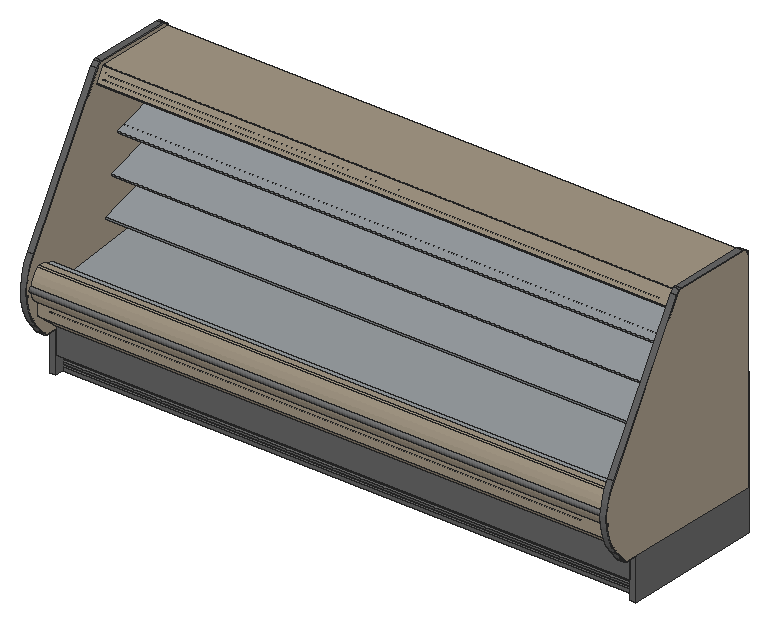
Revit family "O3.75UM_NRG", category Mechanical Equipment, Revit 2019
Family settings
  Round Connector Dimension = Use Radius
  Part Type = Normal
  OmniClass Number = 23.40.40.11.17
  OmniClass Title = Refrigerated Cases
  Work Plane-Based = Yes
  Always vertical = Yes
  Cut with Voids When Loaded = No
  Shared = No
  Room Calculation Point = No
Parameters (values of type "12'")
  Width = 43 1/4"  # constant formula
  URL = "http://www.hillphoenix.com/?s=o3.75um"
  TOP REFRIGERATION PIPING = yes
  TOP ELECTRICAL = yes
  TOEKICK [instance] = BLACK PAINTED METAL
  Standard Power Watts = 35.7 W
  Standard Power Amps = 0.3 A
  Shelf distance = 48"
  STAINLESS STEEL = GALVANIZED STEEL
  Refgn = 28 5/8"
  RT STD END = yes
  REFRIGERATION PIPING = COPPER PIPE
  RUBBER BUMPER [instance] = BLACK
  REAR REFRIGERATION PIPING = yes
  PAINTED METAL UPPER SHELF = PAINTED SHELVES
  PAINTED METAL INTERIOR [instance] = GALVANIZED STEEL
  PAINTED METAL EXTERIOR [instance] = CHARCOAL BROWN
  Number of Shelf = 3
  Model = "O3.75UM-NRG"  # constant formula
  Manufacturer = "HILL PHOENIX"  # constant formula
  Lights Per Row = 3
  Light Length = "48\""
  Length = 144"
  Legend Number = Model  # "O3.75UM-NRG"
  LF STD END = yes
  Keynote = ""  # constant formula
  Item Description = Description  # "Multi-Deck Merchandiser with Synerg-E™"
  Island Timed-Off Termination Temp (°F) = 42 °F  # constant formula
  Island Timed-Off Fail-Safe (Min) = "30 (Min)"  # constant formula
  Island Superheat @ Bulb Set Point (°F) = "6-8 °F"  # constant formula
  Island High Efficiency Fans Watts = 42 W
  Island High Efficiency Fans Amps = 0.6 A
  Island Front Sill Height = "All"
  Island Fans Per Case = 3
  Island Evaporator (°F) = 28 °F
  Island Discharge Air(°F) = 31 °F
  Island Discharge Air Velocity (FPM) = 180 FPM  # constant formula
  Island BTUH Parallel = 930
  Island BTUH Conventional = 1063
  Island Application = "Dairy / Deli / Produce"
  Island  Case Length = 144"
  How Many Defrosts Per Day = 6  # constant formula
  High Power (Cornice) Watts = 64.5 W
  High Power (Cornice) Amps = 0.54 A
  Height = 57 1/2"  # constant formula
  GLASS = Glass
  EQUIPMENT MARK = Legend Number  # "O3.75UM-NRG"
  EQUIPMENT DESCRIPTION = Item Description  # "Multi-Deck Merchandiser with Synerg-E™"
  Description = "Multi-Deck Merchandiser with Synerg-E™"  # constant formula
  Default Elevation = 48"
  DRAIN PIPING = yes
  DESIGNERS NAME = "SHIDDRAMESH"  # constant formula
  DATE = "03/31/2016"  # constant formula
  Certifications = "NSF 7, UL471, CSA"  # constant formula
  DRAIN LINE = 72"
  BOTTOM REFRIGERATION PIPING = yes
  BOTTOM ELECTRICAL = yes
  BASE [instance] = BLACK PAINTED METAL
  Assembly Code = ""
  16" Shelf = yes
  14" Shelf = yes
  12" Shelf = yes
Types (12): name | Standard Power Watts | Standard Power Amps | Shelf distance | Refgn | Lights Per Row | Light Length | Length | Island High Efficiency Fans Watts | Island High Efficiency Fans Amps | Island Front Sill Height | Island Fans Per Case | Island Evaporator (°F) | Island Discharge Air(°F) | Island BTUH Parallel | Island BTUH Conventional | Island Application | Island  Case Length | High Power (Cornice) Watts | High Power (Cornice) Amps | DRAIN LINE
  04' | 11.9 W | 0.1 A | 36" | 22 3/4" | 1 | "48\"" | 48" | 14 W | 0.2 A | "All" | 1 | 28 °F | 31 °F | 930 | 1063 | "Dairy / Deli / Produce" | 48" | 21.5 W | 0.18 A | 36"
  06' | 16.6 W | 0.14 A | 36" | 28 5/8" | 2 | "36\"" | 72" | 28 W | 0.4 A | "All" | 2 | 28 °F | 31 °F | 930 | 1063 | "Dairy / Deli / Produce" | 72" | 29.8 W | 0.25 A | 36"
  08' | 23.8 W | 0.2 A | 48" | 28 5/8" | 2 | "48\"" | 96" | 28 W | 0.4 A | "All" | 2 | 28 °F | 31 °F | 930 | 1063 | "Dairy / Deli / Produce" | 96" | 43 W | 0.36 A | 48"
  12' | 35.7 W | 0.3 A | 48" | 28 5/8" | 3 | "48\"" | 144" | 42 W | 0.6 A | "All" | 3 | 28 °F | 31 °F | 930 | 1063 | "Dairy / Deli / Produce" | 144" | 64.5 W | 0.54 A | 72"
  04' Deli | 11.9 W | 0.1 A | 36" | 12 3/8" | 1 | "48\"" | 48" | 14 W | 0.2 A | "All" | 1 | 28 °F | 31 °F | 930 | 1063 | "Dairy / Deli / Produce" | 48" | 21.5 W | 0.18 A | 36"
  04' Meat | 11.9 W | 0.1 A | 36" | 22 3/4" | 1 | "48\"" | 48" | 14 W | 0.2 A | "Extended" | 1 | 26 °F | 30 °F | 920 | 1051 | "Meat" | 48" | 21.5 W | 0.18 A | 36"
  06' Deli | 16.6 W | 0.14 A | 36" | 12 3/8" | 2 | "36\"" | 72" | 28 W | 0.4 A | "All" | 2 | 28 °F | 31 °F | 930 | 1063 | "Dairy / Deli / Produce" | 72" | 29.8 W | 0.25 A | 36"
  06' Meat | 16.6 W | 0.14 A | 36" | 28 5/8" | 2 | "36\"" | 72" | 28 W | 0.4 A | "Extended" | 2 | 26 °F | 30 °F | 920 | 1051 | "Meat" | 72" | 29.8 W | 0.25 A | 36"
  08' Deli | 23.8 W | 0.2 A | 48" | 12 3/8" | 2 | "48\"" | 96" | 28 W | 0.4 A | "All" | 2 | 28 °F | 31 °F | 930 | 1063 | "Dairy / Deli / Produce" | 96" | 43 W | 0.36 A | 48"
  08' Meat | 23.8 W | 0.2 A | 48" | 28 5/8" | 2 | "48\"" | 96" | 28 W | 0.4 A | "Extended" | 2 | 26 °F | 30 °F | 920 | 1051 | "Meat" | 96" | 43 W | 0.36 A | 48"
  12' Deli | 35.7 W | 0.3 A | 48" | 12 3/8" | 3 | "48\"" | 144" | 42 W | 0.6 A | "All" | 3 | 28 °F | 31 °F | 930 | 1063 | "Dairy / Deli / Produce" | 144" | 64.5 W | 0.54 A | 72"
  12' Meat | 35.7 W | 0.3 A | 48" | 28 5/8" | 3 | "48\"" | 144" | 42 W | 0.6 A | "Extended" | 3 | 26 °F | 30 °F | 920 | 1051 | "Meat" | 144" | 64.5 W | 0.54 A | 72"
Reference planes (in)
  plane 1: z = 0.01963
  plane 2 "LEFT": x = 0
  plane 3 "CASE RIGHT": x = 144
  plane 4: z = 0
  plane 5: y = -15.80744
  plane 6: z = 57.5
  plane 7: x = 145.5
  plane 8: x = 72
  plane 9: y = -59.05744
  plane 10: z = 22.875
Forms (in)
  Extrusion 1, solid, material "BLACK PAINTED METAL" <- "BASE"
    sketch origin (0, 0, 0) x (0, 1, 0) y (0, 0, 1)
      loop
        line (-15.80744, 0) -> (-15.80744, 11) -> (-47.55744, 11) -> (-47.55744, 0) -> (-45.69085, 0) -> (-45.69085, 2.94807) -> (-17.58744, 2.94807) -> (-17.58744, 0) -> (-15.80744, 0)
    from 0 to 144
  Extrusion 2, solid, material "CHARCOAL BROWN" <- "PAINTED METAL EXTERIOR"
    sketch origin (0, 0, 5.875) x (0, 1, 0) y (0, 0, 1)
      loop
        line (-17.80744, 54.20522) -> (-17.80744, 13.8096)
        arc (-17.80744, 13.8096) -> (-19.66972, 9.97927) -> (-23.598, 8.33364) r 6.03269
        line (-23.598, 8.33364) -> (-41.10205, 7.70434) -> (-43.19307, 6.18536) -> (-45.82363, 6.18536) -> (-48.10885, 7.45214)
        arc (-48.10885, 7.45214) -> (-52.38279, 9.03493) -> (-54.31151, 13.16433) r 6
        line (-54.31151, 13.16433) -> (-54.31151, 15.37312) -> (-56.31972, 15.37312) -> (-56.31972, 10.07189) -> (-50.42424, 5.125) -> (-15.80744, 5.125) -> (-15.80744, 54.20522) -> (-17.80744, 54.20522)
    from 0 to 144
  Extrusion 3, solid, material "PAINTED SHELVES" <- "PAINTED METAL UPPER SHELF"
    sketch origin (0, 0, 5.875) x (0, 1, 0) y (0, 0, 1)
      loop
        arc (-19.82193, 18.53519) -> (-19.97069, 18.17606) -> (-20.32982, 18.0273) r 0.50789
        line (-20.32982, 18.0273) -> (-23.58275, 17.79983) -> (-23.59709, 18.00487) -> (-50.89707, 14.73431) -> (-51.11131, 14.65787) -> (-52.07193, 14.65787) -> (-52.07193, 20.48987) -> (-54.31151, 20.48987) -> (-54.31151, 13.16433)
        arc (-54.31151, 13.16433) -> (-52.37575, 9.02845) -> (-48.08972, 7.45284) r 6
        line (-48.08972, 7.45284) -> (-45.80324, 6.18536) -> (-43.17269, 6.18536) -> (-41.08167, 7.70434) -> (-23.59774, 8.33365)
        arc (-23.59774, 8.33365) -> (-19.66963, 9.97936) -> (-17.80744, 13.8096) r 6.03269
        line (-17.80744, 13.8096) -> (-17.80744, 16.33022) -> (-19.82193, 16.33022) -> (-19.82193, 18.53519)
    from 0 to 144
  Extrusion 4, solid, material "GALVANIZED STEEL" <- "STAINLESS STEEL"
    sketch origin (0, 0, 6.98122) x (0, 1, 0) y (0, 0, 1)
      loop
        line (-17.80744, 53.099) -> (-19.82193, 53.099) -> (-19.82193, 15.224) -> (-17.80744, 15.224) -> (-17.80744, 53.099)
    from 0 to 144
  Extrusion 5, solid, material "CHARCOAL BROWN" <- "PAINTED METAL EXTERIOR", visible <- "TOP REFRIGERATION PIPING"
    sketch origin (0, 0, 5.875) x (1, 0, 0) y (0, 1, 0)
      loop
        line (141, -15.80744) -> (141, -12.80744) -> (129, -12.80744) -> (129, -15.80744) -> (129.125, -15.80744) -> (129.125, -12.93244) -> (140.875, -12.93244) -> (140.875, -15.80744) -> (141, -15.80744)
    from 20.05479 to 49.38425
  Extrusion 6, solid, material "BLACK PAINTED METAL" <- "BASE"
    sketch origin (0, -10.28164, -0.05412) x (0, 1, 0) y (0, 0, 1)
      loop
        line (-37.27579, 0.05412) -> (-37.27579, 11.05412) -> (-40.30382, 11.05412) -> (-40.30382, 4.63002) -> (-39.68701, 4.63002) -> (-37.68701, 4.63002)
        arc (-37.68701, 4.63002) -> (-37.8365, 4.53454) -> (-38.01177, 4.50725) r 0.43161
        line (-38.01177, 4.50725) -> (-38.01177, 4.00939) -> (-37.9323, 4.00939) -> (-37.51351, 4.08936) -> (-37.65088, 3.65476)
        arc (-37.65088, 3.65476) -> (-37.78692, 3.42905) -> (-38.0108, 3.29) r 0.56287
        line (-38.0108, 3.29) -> (-38.0108, 2.79) -> (-37.9323, 2.79) -> (-37.51351, 2.87496) -> (-37.65088, 2.43538)
        arc (-37.65088, 2.43538) -> (-37.78661, 2.20936) -> (-38.0108, 2.07063) r 0.55931
        line (-38.0108, 2.07063) -> (-38.0108, 1.57063) -> (-37.9323, 1.57063) -> (-37.51351, 1.65558) -> (-37.61149, 1.20803)
        arc (-37.61149, 1.20803) -> (-37.76845, 0.9729) -> (-38.02579, 0.85586) r 0.51565
        line (-38.02579, 0.85586) -> (-38.02579, 0.05412) -> (-37.27579, 0.05412)
    from 0 to 144
  Extrusion 7, solid, material "CHARCOAL BROWN" <- "PAINTED METAL EXTERIOR"
    sketch origin (0, -14.13723, 5.82088) x (0, 1, 0) y (0, 0, 1)
      loop
        line (-40.17428, 15.42724) -> (-40.17428, 20.54398) -> (-40.08842, 20.54398) -> (-40.08842, 21.30412) -> (-41.88342, 21.30412)
        arc (-41.88342, 21.30412) -> (-42.11934, 21.24969) -> (-42.32244, 21.1179) r 0.69761
        arc (-42.32244, 21.1179) -> (-43.67325, 19.42434) -> (-44.44614, 17.4006) r 7.05071
        arc (-44.44614, 17.4006) -> (-44.16727, 15.47655) -> (-43.17985, 13.80182) r 5.032
        line (-43.17985, 13.80182) -> (-42.18248, 13.80182) -> (-42.18248, 15.42724) -> (-40.17428, 15.42724)
    from 0 to 144
  Extrusion 8, solid, material "BLACK" <- "RUBBER BUMPER"
    sketch origin (0, -14.13723, 5.94625) x (0, 1, 0) y (0, 0, 1)
      loop
        arc (-44.36324, 17.61416) -> (-44.91973, 16.94743) -> (-44.39402, 16.25618) r 0.69673
        arc (-44.39402, 16.25618) -> (-44.45145, 16.69866) -> (-44.46921, 17.14449) r 5.00138
        arc (-44.46921, 17.14449) -> (-44.42027, 17.38024) -> (-44.36324, 17.61416) r 6.99819
    from 0 to 144
  Extrusion 9, solid, material "PAINTED SHELVES" <- "PAINTED METAL UPPER SHELF", visible <- "16" Shelf"
    sketch origin (0, 0, 21.36873) x (0, 1, 0) y (0, 0, 1)
      loop
        line (-19.82193, 12.03629) -> (-35.12281, 7.35834) -> (-34.95908, 6.82281) -> (-30.92951, 8.05478) -> (-30.83385, 7.94238) -> (-23.44344, 9.22627)
        arc (-23.44344, 9.22627) -> (-22.75154, 9.24918) -> (-22.07989, 9.08147) r 2.5
        line (-22.07989, 9.08147) -> (-21.24148, 8.7431)
        arc (-21.24148, 8.7431) -> (-20.90216, 8.67103) -> (-20.55864, 8.71922) r 1
        line (-20.55864, 8.71922) -> (-19.82193, 8.95823) -> (-19.82193, 12.03629)
    from 0 to 144
  Extrusion 10, solid, material "PAINTED SHELVES" <- "PAINTED METAL UPPER SHELF", visible <- "12" Shelf"
    sketch origin (0, 0, 1.39555) x (0, 1, 0) y (0, 0, 1)
      loop
        line (-19.82193, 45.52801) -> (-19.82193, 48.60705) -> (-31.29759, 45.09859) -> (-31.13386, 44.56306) -> (-28.91038, 45.24285) -> (-28.81473, 45.13045) -> (-23.39078, 45.81313)
        arc (-23.39078, 45.81313) -> (-22.69889, 45.83604) -> (-22.02724, 45.66833) r 2.5
        line (-22.02724, 45.66833) -> (-21.18883, 45.32996)
        arc (-21.18883, 45.32996) -> (-20.84951, 45.25789) -> (-20.50599, 45.30609) r 1
        line (-20.50599, 45.30609) -> (-19.82193, 45.52801)
    from 0 to 144
  Extrusion 11, solid, material "CHARCOAL BROWN" <- "PAINTED METAL EXTERIOR", visible <- "RT STD END"
    sketch origin (115, 0, 5.875) x (0, 1, 0) y (0, 0, 1)
      loop
        arc (-54.30554, 5.30373) -> (-53.53283, 4.71081) -> (-52.58194, 4.5) r 2.25
        line (-52.58194, 4.5) -> (-15.43244, 4.5) -> (-15.43244, 56.6826)
        arc (-15.43244, 56.6826) -> (-15.87178, 57.74326) -> (-16.93244, 58.1826) r 1.5
        line (-16.93244, 58.1826) -> (-35.92347, 58.1826)
        arc (-35.92347, 58.1826) -> (-36.1933, 58.15813) -> (-36.45432, 58.08553) r 1.5
        arc (-36.45432, 58.08553) -> (-36.99502, 57.80331) -> (-37.45369, 57.4013) r 2.56207
        line (-37.45369, 57.4013) -> (-57.05482, 24.16677)
        arc (-57.05482, 24.16677) -> (-59.49138, 15.83035) -> (-56.34554, 7.73491) r 13.5
        line (-56.34554, 7.73491) -> (-54.30554, 5.30373)
    from 30.5 to 29
  Extrusion 12, solid, material "BLACK PAINTED METAL" <- "BASE", visible <- "RT STD END"
    sketch origin (115, 0, 5.875) x (0, 1, 0) y (0, 0, 1)
      loop
        line (-54.30299, 5.305) -> (-56.34554, 7.73491)
        arc (-56.34554, 7.73491) -> (-59.49138, 15.83035) -> (-57.05482, 24.16677) r 13.5
        line (-57.05482, 24.16677) -> (-37.45369, 57.4013)
        arc (-37.45369, 57.4013) -> (-36.99502, 57.80331) -> (-36.45432, 58.08553) r 2.56207
        arc (-36.45432, 58.08553) -> (-36.1933, 58.15813) -> (-35.92347, 58.1826) r 1.5
        line (-35.92347, 58.1826) -> (-16.93244, 58.1826)
        arc (-16.93244, 58.1826) -> (-15.87178, 57.74326) -> (-15.43244, 56.6826) r 1.5
        line (-15.43244, 56.6826) -> (-15.43244, 4.5) -> (-15.18244, 4.5) -> (-15.18244, 56.6826)
        arc (-15.18244, 56.6826) -> (-15.695, 57.92004) -> (-16.93244, 58.4326) r 1.75
        line (-16.93244, 58.4326) -> (-35.92347, 58.4326)
        arc (-35.92347, 58.4326) -> (-36.23827, 58.40405) -> (-36.54279, 58.31935) r 1.75
        arc (-36.54279, 58.31935) -> (-37.17747, 57.98083) -> (-37.70551, 57.49238) r 2.81207
        line (-37.70551, 57.49238) -> (-57.25946, 24.31036)
        arc (-57.25946, 24.31036) -> (-59.74115, 15.81957) -> (-56.53705, 7.57421) r 13.75
        line (-56.53705, 7.57421) -> (-54.49075, 5.14503)
        arc (-54.49075, 5.14503) -> (-53.63084, 4.48415) -> (-52.57207, 4.24914) r 2.50251
        line (-52.57207, 4.24914) -> (-50.4287, 4.24914) -> (-50.4287, 4.50056) -> (-52.57859, 4.50056)
        arc (-52.57859, 4.50056) -> (-53.52999, 4.71157) -> (-54.30299, 5.305) r 2.25045
    from 30.5 to 29
  Extrusion 13, solid, material "BLACK PAINTED METAL" <- "BASE", visible <- "RT STD END"
    sketch origin (115, 0, 0) x (0, 1, 0) y (0, 0, 1)
      loop
        line (-50.58546, 10.375) -> (-50.58546, 0) -> (-15.18244, 0) -> (-15.18244, 10.375) -> (-50.58546, 10.375)
    from 30.5 to 29
  Extrusion 14, solid, material "PAINTED SHELVES" <- "PAINTED METAL UPPER SHELF", visible <- "14" Shelf"
    sketch origin (0, 0, -6.82083) x (0, 1, 0) y (0, 0, 1)
      loop
        line (-19.82193, 45.52801) -> (-19.82193, 48.60705) -> (-33.2102, 44.51385) -> (-33.04647, 43.97832) -> (-30.92951, 44.62554) -> (-30.83385, 44.51314) -> (-23.44344, 45.79703)
        arc (-23.44344, 45.79703) -> (-22.75154, 45.81995) -> (-22.07989, 45.65223) r 2.5
        line (-22.07989, 45.65223) -> (-21.24148, 45.31386)
        arc (-21.24148, 45.31386) -> (-20.90216, 45.2418) -> (-20.55864, 45.28999) r 1
        line (-20.55864, 45.28999) -> (-19.82193, 45.52801)
    from 0 to 144
  Extrusion 15, solid, material "CHARCOAL BROWN" <- "PAINTED METAL EXTERIOR", visible <- "LF STD END"
    sketch origin (-30.5, 0, 5.875) x (0, 1, 0) y (0, 0, 1)
      loop
        arc (-54.30554, 5.30373) -> (-53.53283, 4.71081) -> (-52.58194, 4.5) r 2.25
        line (-52.58194, 4.5) -> (-15.43244, 4.5) -> (-15.43244, 56.6826)
        arc (-15.43244, 56.6826) -> (-15.87178, 57.74326) -> (-16.93244, 58.1826) r 1.5
        line (-16.93244, 58.1826) -> (-35.92347, 58.1826)
        arc (-35.92347, 58.1826) -> (-36.1933, 58.15813) -> (-36.45432, 58.08553) r 1.5
        arc (-36.45432, 58.08553) -> (-36.99502, 57.80331) -> (-37.45369, 57.4013) r 2.56207
        line (-37.45369, 57.4013) -> (-57.05482, 24.16677)
        arc (-57.05482, 24.16677) -> (-59.49138, 15.83035) -> (-56.34554, 7.73491) r 13.5
        line (-56.34554, 7.73491) -> (-54.30554, 5.30373)
    from 30.5 to 29
  Extrusion 16, solid, material "BLACK PAINTED METAL" <- "BASE", visible <- "LF STD END"
    sketch origin (-30.5, 0, 5.875) x (0, 1, 0) y (0, 0, 1)
      loop
        line (-54.30554, 5.30373) -> (-56.34554, 7.73491)
        arc (-56.34554, 7.73491) -> (-59.49138, 15.83035) -> (-57.05482, 24.16677) r 13.5
        line (-57.05482, 24.16677) -> (-37.45369, 57.4013)
        arc (-37.45369, 57.4013) -> (-36.99502, 57.80331) -> (-36.45432, 58.08553) r 2.56207
        arc (-36.45432, 58.08553) -> (-36.1933, 58.15813) -> (-35.92347, 58.1826) r 1.5
        line (-35.92347, 58.1826) -> (-16.93244, 58.1826)
        arc (-16.93244, 58.1826) -> (-15.87178, 57.74326) -> (-15.43244, 56.6826) r 1.5
        line (-15.43244, 56.6826) -> (-15.43244, 4.5) -> (-15.18244, 4.5) -> (-15.18244, 56.6826)
        arc (-15.18244, 56.6826) -> (-15.695, 57.92004) -> (-16.93244, 58.4326) r 1.75
        line (-16.93244, 58.4326) -> (-35.92347, 58.4326)
        arc (-35.92347, 58.4326) -> (-36.23827, 58.40405) -> (-36.54279, 58.31935) r 1.75
        arc (-36.54279, 58.31935) -> (-37.19289, 57.96979) -> (-37.72964, 57.4631) r 2.81207
        line (-37.72964, 57.4631) -> (-57.25946, 24.31036)
        arc (-57.25946, 24.31036) -> (-59.74115, 15.81957) -> (-56.53705, 7.57421) r 13.75
        line (-56.53705, 7.57421) -> (-54.49705, 5.14303)
        arc (-54.49705, 5.14303) -> (-53.63848, 4.48423) -> (-52.58194, 4.25) r 2.5
        line (-52.58194, 4.25) -> (-50.42424, 4.25) -> (-50.42424, 4.5) -> (-52.58194, 4.5)
        arc (-52.58194, 4.5) -> (-53.53283, 4.71081) -> (-54.30554, 5.30373) r 2.25
    from 30.5 to 29
  Extrusion 17, solid, material "BLACK PAINTED METAL" <- "BASE", visible <- "LF STD END"
    sketch origin (-30.5, 0, 0) x (0, 1, 0) y (0, 0, 1)
      loop
        line (-50.58546, 10.375) -> (-50.58546, 0) -> (-15.18244, 0) -> (-15.18244, 10.375) -> (-50.58546, 10.375)
    from 30.5 to 29
  Extrusion 18, solid, material "GALVANIZED STEEL" <- "PAINTED METAL INTERIOR"
    sketch origin (0, -5.33302, 18.24204) x (0, 1, 0) y (0, 0, 1)
      loop
        line (-22.08707, 41.86462) -> (-25.7123, 43.55509) -> (-26.13492, 42.64878) -> (-22.50969, 40.95831) -> (-22.08707, 41.86462)
      loop
        line (-28.3289, 43.12072) -> (-28.36661, 43.11934) -> (-28.38679, 43.09613) -> (-28.31174, 43.01689) -> (-28.30573, 42.74967)
        arc (-28.30573, 42.74967) -> (-28.32302, 42.68031) -> (-28.37268, 42.62889) r 0.1381
        line (-28.37268, 42.62889) -> (-28.44988, 42.5825)
        arc (-28.44988, 42.5825) -> (-28.53866, 42.49056) -> (-28.56958, 42.36655) r 0.2469
        arc (-28.56958, 42.36655) -> (-28.56109, 41.9751) -> (-28.54926, 41.58374) r 46.05875
        arc (-28.54926, 41.58374) -> (-28.53904, 41.56898) -> (-28.52207, 41.56311) r 0.0289
        line (-28.52207, 41.56311) -> (-28.47578, 41.5623) -> (-28.43676, 41.57736) -> (-27.02174, 41.6013) -> (-26.99114, 41.58983) -> (-26.94151, 41.59069)
        arc (-26.94151, 41.59069) -> (-26.92186, 41.59887) -> (-26.91314, 41.61829) r 0.0289
        arc (-26.91314, 41.61829) -> (-26.91222, 41.64537) -> (-26.9119, 41.67247) r 1.21272
        arc (-26.9119, 41.67247) -> (-26.91472, 42.03392) -> (-26.92103, 42.39533) r 37.49487
        arc (-26.92103, 42.39533) -> (-26.96897, 42.53727) -> (-27.08758, 42.6288) r 0.25858
        arc (-27.08758, 42.6288) -> (-27.10638, 42.64133) -> (-27.12697, 42.65063) r 0.13806
        arc (-27.12697, 42.65063) -> (-27.18371, 42.69709) -> (-27.19809, 42.769) r 0.10882
        line (-27.19809, 42.769) -> (-27.2027, 43.03283) -> (-27.13047, 43.11463) -> (-27.15319, 43.13735) -> (-27.18572, 43.13973) -> (-27.20527, 43.16387) -> (-28.30813, 43.14461) -> (-28.3289, 43.12072)
      loop
        line (-30.17845, 43.08844) -> (-30.21617, 43.08705) -> (-30.23634, 43.06384) -> (-30.1613, 42.98461) -> (-30.15528, 42.71739)
        arc (-30.15528, 42.71739) -> (-30.17258, 42.64802) -> (-30.22223, 42.5966) r 0.1381
        line (-30.22223, 42.5966) -> (-30.29944, 42.55022)
        arc (-30.29944, 42.55022) -> (-30.38822, 42.45828) -> (-30.41914, 42.33427) r 0.2469
        arc (-30.41914, 42.33427) -> (-30.41064, 41.94282) -> (-30.39881, 41.55145) r 46.05875
        arc (-30.39881, 41.55145) -> (-30.38859, 41.5367) -> (-30.37162, 41.53082) r 0.0289
        line (-30.37162, 41.53082) -> (-30.32534, 41.53001) -> (-30.28631, 41.54508) -> (-28.87129, 41.56901) -> (-28.84069, 41.55754) -> (-28.79107, 41.55841)
        arc (-28.79107, 41.55841) -> (-28.77142, 41.56659) -> (-28.76269, 41.586) r 0.0289
        arc (-28.76269, 41.586) -> (-28.76177, 41.61309) -> (-28.76145, 41.64018) r 1.21272
        arc (-28.76145, 41.64018) -> (-28.76428, 42.00164) -> (-28.77058, 42.36305) r 37.49487
        arc (-28.77058, 42.36305) -> (-28.81853, 42.50499) -> (-28.93713, 42.59652) r 0.25858
        arc (-28.93713, 42.59652) -> (-28.95593, 42.60905) -> (-28.97652, 42.61835) r 0.13806
        arc (-28.97652, 42.61835) -> (-29.03327, 42.66481) -> (-29.04765, 42.73672) r 0.10882
        line (-29.04765, 42.73672) -> (-29.05225, 43.00054) -> (-28.98002, 43.08235) -> (-29.00274, 43.10507) -> (-29.03528, 43.10744) -> (-29.05482, 43.13158) -> (-30.15769, 43.11233) -> (-30.17845, 43.08844)
    from 0 to 144
  Extrusion 19, solid, material "CHARCOAL BROWN" <- "PAINTED METAL EXTERIOR"
    sketch origin (0, -0.06264, 15.61241) x (0, 1, 0) y (0, 0, 1)
      loop
        line (-15.74166, 44.46782) -> (-15.74166, 47.76259) -> (-35.80431, 47.76259)
        arc (-35.80431, 47.76259) -> (-35.8349, 47.7544) -> (-35.85729, 47.73201) r 0.06117
        line (-35.85729, 47.73201) -> (-37.78951, 44.38531)
        arc (-37.78951, 44.38531) -> (-37.79575, 44.33788) -> (-37.76663, 44.29993) r 0.0625
        line (-37.76663, 44.29993) -> (-37.35499, 44.06227)
        arc (-37.35499, 44.06227) -> (-37.30756, 44.05603) -> (-37.26961, 44.08515) r 0.0625
        line (-37.26961, 44.08515) -> (-37.03536, 44.49088) -> (-37.01336, 44.52898) -> (-36.37054, 45.64239) -> (-36.32275, 45.66716)
        arc (-36.32275, 45.66716) -> (-36.31163, 45.67837) -> (-36.29644, 45.68266) r 0.031
        line (-36.29644, 45.68266) -> (-32.42985, 45.75015) -> (-32.11487, 45.69461)
        arc (-32.11487, 45.69461) -> (-32.09349, 45.69125) -> (-32.07186, 45.69112) r 0.14451
        line (-32.07186, 45.69112) -> (-31.27173, 45.69112) -> (-31.46883, 45.29445)
        arc (-31.46883, 45.29445) -> (-31.47207, 45.24711) -> (-31.44089, 45.21134) r 0.062
        line (-31.44089, 45.21134) -> (-31.27253, 45.12768) -> (-31.25874, 45.15545) -> (-31.42702, 45.23935)
        arc (-31.42702, 45.23935) -> (-31.44246, 45.25709) -> (-31.44084, 45.28055) r 0.03075
        line (-31.44084, 45.28055) -> (-30.99102, 46.18581) -> (-27.3605, 44.46782) -> (-27.77694, 43.57067)
        arc (-27.77694, 43.57067) -> (-27.79468, 43.55463) -> (-27.81854, 43.55624) r 0.03063
        line (-27.81854, 43.55624) -> (-28.10411, 43.6894) -> (-28.11721, 43.6613) -> (-27.83252, 43.52855)
        arc (-27.83252, 43.52855) -> (-27.78521, 43.52649) -> (-27.75029, 43.55848) r 0.06188
        line (-27.75029, 43.55848) -> (-27.3344, 44.45035)
        arc (-27.3344, 44.45035) -> (-27.32324, 44.46308) -> (-27.30699, 44.46782) r 0.03025
        line (-27.30699, 44.46782) -> (-15.74166, 44.46782)
    from 0 to 144
Lines and regions (in)
  model lines
    curve 1: line (0, -59.05714, 22.875) -> (0, -58.64364, 22.875)
Dimensions and locks (in)
  "Length": plane 2 "LEFT" to plane 3 "CASE RIGHT"
  Extrusion 19 to Extrusion 17 = 63 3/8"
  "DRAIN LINE": plane 2 "LEFT" to plane 8
  locked: plane 3 "CASE RIGHT" to plane 7 at 1.5
  "Width": plane 5 to plane 9
  Extrusion 1 to Extrusion 6 = 31 3/4"
  Extrusion 1 to Extrusion 6 = 32 1/2"
  plane 10 to level = 22 7/8"
  Extrusion 7 to level = 27 1/8"
  Extrusion 17 to Extrusion 2 = 11"
  Extrusion 4 to Extrusion 19 = 37 7/8"
  Extrusion 4 to Extrusion 3 = 32 1/4"
  Extrusion 3 to Extrusion 19 = 36.17429"
  Extrusion 19 to Extrusion 19 = 20.12383"
  Extrusion 10 to Extrusion 10 = 12"
  Extrusion 14 to Extrusion 14 = 14"
  Extrusion 9 to Extrusion 9 = 16"
  aligned and locked: plane 3 "CASE RIGHT" to Extrusion 4
  aligned and locked: plane 3 "CASE RIGHT" to Extrusion 3
  aligned and locked: Extrusion 2 to plane 3 "CASE RIGHT"
  aligned and locked: plane 3 "CASE RIGHT" to Extrusion 1
  aligned and locked: Extrusion 8 to Extrusion 6
  aligned and locked: Extrusion 7 to Extrusion 6
  aligned and locked: Extrusion 7 to plane 3 "CASE RIGHT"
  aligned and locked: plane 3 "CASE RIGHT" to Extrusion 9
  aligned and locked: plane 3 "CASE RIGHT" to Extrusion 10
  aligned and locked: Extrusion 12 to plane 3 "CASE RIGHT"
  aligned and locked: Extrusion 12 to plane 7
  aligned and locked: Extrusion 11 to plane 3 "CASE RIGHT"
  aligned and locked: Extrusion 11 to plane 7
  aligned and locked: Extrusion 13 to plane 3 "CASE RIGHT"
  aligned and locked: plane 7 to Extrusion 13
  aligned and locked: plane 3 "CASE RIGHT" to Extrusion 14
  aligned and locked: plane 3 "CASE RIGHT" to Extrusion 19
  aligned and locked: plane 3 "CASE RIGHT" to Extrusion 18
Automatic sketch dimensions
  Extrusion 1 sketch curve to level = 0"  (x4)
  Extrusion 1 sketch curve to plane 5 = 0"
  plane 5 to Extrusion 1 sketch curve = 1.78"
  plane 1 to Extrusion 1 sketch curve = 2.92844"
  Extrusion 1 sketch curve to plane 9 = 13.36659"
  Extrusion 1 sketch curve to Extrusion 1 sketch curve = 1.86659"
  Extrusion 1 sketch curve to Extrusion 1 sketch curve = 8.05193"
  Extrusion 2 sketch curve to plane 5 = 0"
  plane 5 to Extrusion 2 sketch curve = 2"
  plane 5 to Extrusion 2 sketch curve = 7.79056"
  Extrusion 2 sketch curve to Extrusion 2 sketch curve = 0.21675"
  plane 1 to Extrusion 2 sketch curve = 13.55971"
  Extrusion 2 sketch curve to Extrusion 2 sketch curve = 17.50406"
  plane 1 to Extrusion 2 sketch curve = 12.04073"
  Extrusion 2 sketch curve to Extrusion 2 sketch curve = 2.09102"
  Extrusion 2 sketch curve to Extrusion 2 sketch curve = 2.63055"
  Extrusion 2 sketch curve to Extrusion 2 sketch curve = 2.28522"
  Extrusion 2 sketch curve to Extrusion 2 sketch curve = 0.2094"
  Extrusion 2 sketch curve to Extrusion 2 sketch curve = 2.3154"
  Extrusion 2 sketch curve to plane 9 = 4.74592"
  Extrusion 2 sketch curve to plane 9 = 2.73772"
  Extrusion 2 sketch curve to Extrusion 2 sketch curve = 1.06036"
  Extrusion 2 sketch curve to Extrusion 2 sketch curve = 1.26678"
  plane 1 to Extrusion 2 sketch curve = 14.18901"
  Extrusion 2 sketch curve to Extrusion 2 sketch curve = 4.94689"
  Extrusion 2 sketch curve to Extrusion 2 sketch curve = 3.09244"
  Extrusion 2 sketch curve to Extrusion 2 sketch curve = 5.47596"
  Extrusion 2 sketch curve to Extrusion 2 sketch curve = 2.20879"
  plane 6 to Extrusion 2 sketch curve = 2.58022"
  Extrusion 3 sketch curve to plane 9 = 4.74592"
  Extrusion 3 sketch curve to Extrusion 3 sketch curve = 2.23958"
  Extrusion 3 sketch curve to Extrusion 3 sketch curve = 0.96062"
  Extrusion 3 sketch curve to Extrusion 3 sketch curve = 0.21424"
  Extrusion 3 sketch curve to Extrusion 3 sketch curve = 2.57882"
  Extrusion 3 sketch curve to Extrusion 3 sketch curve = 0.22853"
  plane 1 to Extrusion 3 sketch curve = 12.04073"
  Extrusion 3 sketch curve to Extrusion 3 sketch curve = 2.28648"
  Extrusion 3 sketch curve to Extrusion 3 sketch curve = 2.63055"
  plane 1 to Extrusion 3 sketch curve = 13.55971"
  Extrusion 3 sketch curve to Extrusion 3 sketch curve = 2.09102"
  plane 5 to Extrusion 3 sketch curve = 8.0073"
  Extrusion 3 sketch curve to Extrusion 3 sketch curve = 0.217"
  Extrusion 3 sketch curve to Extrusion 3 sketch curve = 0.21765"
  Extrusion 3 sketch curve to Extrusion 3 sketch curve = 0.01434"
  Extrusion 3 sketch curve to Extrusion 3 sketch curve = 3.25293"
  Extrusion 3 sketch curve to Extrusion 3 sketch curve = 0.50789"
  plane 5 to Extrusion 3 sketch curve = 2"
  Extrusion 3 sketch curve to Extrusion 3 sketch curve = 1.26748"
  plane 1 to Extrusion 3 sketch curve = 14.18902"
  Extrusion 3 sketch curve to Extrusion 3 sketch curve = 5.71149"
  Extrusion 3 sketch curve to Extrusion 3 sketch curve = 5.47595"
  Extrusion 3 sketch curve to Extrusion 3 sketch curve = 1.20938"
  Extrusion 3 sketch curve to Extrusion 3 sketch curve = 0.07644"
  Extrusion 3 sketch curve to Extrusion 3 sketch curve = 2.52063"
  Extrusion 3 sketch curve to Extrusion 3 sketch curve = 3.4374"
  Extrusion 3 sketch curve to Extrusion 3 sketch curve = 0.20504"
  Extrusion 3 sketch curve to Extrusion 3 sketch curve = 5.832"
  plane 5 to Extrusion 4 sketch curve = 4.01449"
  plane 5 to Extrusion 4 sketch curve = 2"
  plane 1 to Extrusion 4 sketch curve = 22.18559"
  plane 6 to Extrusion 4 sketch curve = 2.58022"
  plane 5 to Extrusion 5 sketch curve = 0"  (x2)
  Extrusion 5 sketch curve to plane 3 "CASE RIGHT" = 15"
  Extrusion 5 sketch curve to Extrusion 5 sketch curve = 1/8"  (x3)
  Extrusion 5 sketch curve to plane 3 "CASE RIGHT" = 3 1/8"
  Extrusion 5 sketch curve to plane 5 = 2 7/8"
  Extrusion 7 sketch curve to plane 9 = 0.47407"
  Extrusion 7 sketch curve to plane 9 = 1.74036"
  Extrusion 7 sketch curve to plane 9 = 2.59776"
  Extrusion 7 sketch curve to Extrusion 7 sketch curve = 0"
  Extrusion 7 sketch curve to Extrusion 7 sketch curve = 0.99736"
  Extrusion 7 sketch curve to Extrusion 7 sketch curve = 0.43902"
  Extrusion 7 sketch curve to Extrusion 7 sketch curve = 0.47551"
  Extrusion 7 sketch curve to Extrusion 7 sketch curve = 2.0082"
  Extrusion 7 sketch curve to Extrusion 7 sketch curve = 0.08586"
  Extrusion 7 sketch curve to Extrusion 7 sketch curve = 0.75374"
  Extrusion 7 sketch curve to Extrusion 7 sketch curve = 1.86936"
  plane 1 to Extrusion 7 sketch curve = 19.60307"
  Extrusion 7 sketch curve to Extrusion 7 sketch curve = 1.62542"
  Extrusion 7 sketch curve to Extrusion 7 sketch curve = 0.49956"
  Extrusion 7 sketch curve to Extrusion 7 sketch curve = 1.71953"
  Extrusion 7 sketch curve to Extrusion 7 sketch curve = 0.76013"
  plane 5 to Extrusion 9 sketch curve = 19.31537"
  Extrusion 9 sketch curve to Extrusion 9 sketch curve = 0.16373"
  Extrusion 9 sketch curve to Extrusion 9 sketch curve = 4.02957"
  Extrusion 9 sketch curve to Extrusion 9 sketch curve = 0.09566"
  Extrusion 9 sketch curve to Extrusion 9 sketch curve = 7.39041"
  Extrusion 9 sketch curve to Extrusion 9 sketch curve = 0.4279"
  Extrusion 9 sketch curve to Extrusion 9 sketch curve = 1.36355"
  Extrusion 9 sketch curve to Extrusion 9 sketch curve = 0.8384"
  Extrusion 9 sketch curve to Extrusion 9 sketch curve = 0.37426"
  Extrusion 9 sketch curve to Extrusion 9 sketch curve = 0.68285"
  Extrusion 9 sketch curve to Extrusion 9 sketch curve = 1.0453"
  plane 1 to Extrusion 9 sketch curve = 28.11225"
  Extrusion 9 sketch curve to Extrusion 9 sketch curve = 0.05965"
  Extrusion 9 sketch curve to Extrusion 9 sketch curve = 0.53553"
  Extrusion 9 sketch curve to Extrusion 9 sketch curve = 0.1124"
  Extrusion 9 sketch curve to Extrusion 9 sketch curve = 1.95607"
  Extrusion 9 sketch curve to Extrusion 9 sketch curve = 0.02387"
  Extrusion 9 sketch curve to Extrusion 9 sketch curve = 0.239"
  Extrusion 9 sketch curve to Extrusion 9 sketch curve = 0.33837"
  plane 5 to Extrusion 10 sketch curve = 15.49015"
  Extrusion 10 sketch curve to Extrusion 10 sketch curve = 0.16373"
  Extrusion 10 sketch curve to Extrusion 10 sketch curve = 2.22348"
  Extrusion 10 sketch curve to Extrusion 10 sketch curve = 0.09566"
  Extrusion 10 sketch curve to Extrusion 10 sketch curve = 5.42394"
  Extrusion 10 sketch curve to Extrusion 10 sketch curve = 0.4279"
  Extrusion 10 sketch curve to Extrusion 10 sketch curve = 1.36355"
  Extrusion 10 sketch curve to Extrusion 10 sketch curve = 0.8384"
  Extrusion 10 sketch curve to Extrusion 10 sketch curve = 0.37426"
  Extrusion 10 sketch curve to Extrusion 10 sketch curve = 0.68285"
  Extrusion 10 sketch curve to Extrusion 10 sketch curve = 0.99264"
  Extrusion 10 sketch curve to plane 6 = 12.75443"
  Extrusion 10 sketch curve to Extrusion 10 sketch curve = 1.21304"
  Extrusion 10 sketch curve to Extrusion 10 sketch curve = 0.53553"
  Extrusion 10 sketch curve to Extrusion 10 sketch curve = 0.1124"
  Extrusion 10 sketch curve to Extrusion 10 sketch curve = 1.95607"
  Extrusion 10 sketch curve to Extrusion 10 sketch curve = 0.02387"
  Extrusion 10 sketch curve to Extrusion 10 sketch curve = 0.22192"
  Extrusion 10 sketch curve to Extrusion 10 sketch curve = 0.33837"
  Extrusion 13 sketch curve to level = 0"
  Extrusion 13 sketch curve to plane 9 = 8.47198"
  Extrusion 13 sketch curve to plane 5 = 5/8"
  plane 1 to Extrusion 13 sketch curve = 10.35537"
  plane 5 to Extrusion 14 sketch curve = 17.40276"
  Extrusion 14 sketch curve to Extrusion 14 sketch curve = 0.16373"
  Extrusion 14 sketch curve to Extrusion 14 sketch curve = 2.11696"
  Extrusion 14 sketch curve to Extrusion 14 sketch curve = 0.09566"
  Extrusion 14 sketch curve to Extrusion 14 sketch curve = 7.39041"
  Extrusion 14 sketch curve to Extrusion 14 sketch curve = 0.4279"
  Extrusion 14 sketch curve to Extrusion 14 sketch curve = 1.36355"
  Extrusion 14 sketch curve to Extrusion 14 sketch curve = 0.8384"
  Extrusion 14 sketch curve to Extrusion 14 sketch curve = 0.37426"
  Extrusion 14 sketch curve to Extrusion 14 sketch curve = 0.68285"
  Extrusion 14 sketch curve to Extrusion 14 sketch curve = 0.00029"
  Extrusion 14 sketch curve to Extrusion 14 sketch curve = 1.0453"
  Extrusion 14 sketch curve to plane 6 = 20.98691"
  Extrusion 14 sketch curve to Extrusion 14 sketch curve = 0.6444"
  Extrusion 14 sketch curve to Extrusion 14 sketch curve = 0.53482"
  Extrusion 14 sketch curve to Extrusion 14 sketch curve = 0.53553"
  Extrusion 14 sketch curve to Extrusion 14 sketch curve = 1.95518"
  Extrusion 14 sketch curve to Extrusion 14 sketch curve = 0.00089"
  Extrusion 14 sketch curve to Extrusion 14 sketch curve = 0.02387"
  Extrusion 14 sketch curve to Extrusion 14 sketch curve = 0.23891"
  Extrusion 14 sketch curve to Extrusion 14 sketch curve = 0.33837"
  Extrusion 17 sketch curve to level = 0"
  Extrusion 17 sketch curve to plane 9 = 8.47198"
  Extrusion 17 sketch curve to plane 5 = 5/8"
  plane 1 to Extrusion 17 sketch curve = 10.35537"
  curve 1 to plane 9 = 0.0003"
  curve 1 to curve 1 = 0.4135"
  Extrusion 8 sketch curve to plane 9 = 0.69703"
  Extrusion 8 sketch curve to Extrusion 8 sketch curve = 4.75529"
  Extrusion 8 sketch curve to Extrusion 8 sketch curve = 1.8742"
  plane 1 to Extrusion 8 sketch curve = 21.7666"
  Extrusion 8 sketch curve to Extrusion 8 sketch curve = 1.09167"
  Extrusion 8 sketch curve to Extrusion 8 sketch curve = 1.28052"
  Extrusion 8 sketch curve to plane 9 = 0.55696"
  Extrusion 8 sketch curve to plane 9 = 0.52619"
  Extrusion 8 sketch curve to Extrusion 8 sketch curve = 0.24603"
  plane 1 to curve 1 = 22.85537"
  Extrusion 15 sketch curve to plane 9 = 2.00262"
  Extrusion 15 sketch curve to plane 9 = 2.7119"
  Extrusion 15 sketch curve to Extrusion 15 sketch curve = 2.04"
  Extrusion 15 sketch curve to Extrusion 15 sketch curve = 1.7236"
  Extrusion 15 sketch curve to Extrusion 15 sketch curve = 6.578"
  plane 6 to Extrusion 15 sketch curve = 5.0576"  (x2)
  Extrusion 15 sketch curve to Extrusion 15 sketch curve = 0.37586"
  plane 5 to Extrusion 15 sketch curve = 1 1/8"
  Extrusion 15 sketch curve to plane 5 = 3/8"
  Extrusion 15 sketch curve to Extrusion 15 sketch curve = 0.99334"
  plane 1 to Extrusion 15 sketch curve = 30.02214"
  Extrusion 15 sketch curve to Extrusion 15 sketch curve = 7.75423"
  Extrusion 15 sketch curve to Extrusion 15 sketch curve = 0.98491"
  Extrusion 15 sketch curve to Extrusion 15 sketch curve = 1.44627"
  plane 6 to Extrusion 15 sketch curve = 5.7763"
  Extrusion 15 sketch curve to Extrusion 15 sketch curve = 0"
  Extrusion 11 sketch curve to plane 9 = 2.00262"
  Extrusion 11 sketch curve to plane 9 = 2.7119"
  Extrusion 11 sketch curve to Extrusion 11 sketch curve = 2.04"
  Extrusion 11 sketch curve to Extrusion 11 sketch curve = 1.7236"
  Extrusion 11 sketch curve to Extrusion 11 sketch curve = 6.578"
  plane 6 to Extrusion 11 sketch curve = 5.7763"
  Extrusion 11 sketch curve to Extrusion 11 sketch curve = 0.37586"
  plane 5 to Extrusion 11 sketch curve = 1 1/8"
  Extrusion 11 sketch curve to plane 5 = 3/8"
  plane 6 to Extrusion 11 sketch curve = 5.0576"  (x2)
  Extrusion 11 sketch curve to Extrusion 11 sketch curve = 0.99334"
  plane 1 to Extrusion 11 sketch curve = 30.02214"
  Extrusion 11 sketch curve to Extrusion 11 sketch curve = 7.75423"
  Extrusion 11 sketch curve to Extrusion 11 sketch curve = 0.98491"
  Extrusion 11 sketch curve to Extrusion 11 sketch curve = 1.44627"
  Extrusion 11 sketch curve to Extrusion 11 sketch curve = 0"
  Extrusion 11 sketch curve to plane 9 = 21.60375"
  Extrusion 15 sketch curve to plane 9 = 21.60375"
  Extrusion 6 sketch curve to level = 0"
  Extrusion 6 sketch curve to plane 9 = 8.47198"
  Extrusion 6 sketch curve to Extrusion 6 sketch curve = 2.11624"
  plane 1 to Extrusion 6 sketch curve = 0.78211"
  Extrusion 6 sketch curve to Extrusion 6 sketch curve = 0.16178"
  Extrusion 6 sketch curve to Extrusion 6 sketch curve = 0.00285"
  Extrusion 6 sketch curve to Extrusion 6 sketch curve = 0.07663"
  Extrusion 6 sketch curve to Extrusion 6 sketch curve = 0.17581"
  Extrusion 6 sketch curve to Extrusion 6 sketch curve = 0.09163"
  Extrusion 6 sketch curve to Extrusion 6 sketch curve = 0.17393"
  Extrusion 6 sketch curve to Extrusion 6 sketch curve = 0.02264"
  Extrusion 6 sketch curve to Extrusion 6 sketch curve = 0.0785"  (x2)
  Extrusion 6 sketch curve to Extrusion 6 sketch curve = 0.07947"
  plane 1 to Extrusion 6 sketch curve = 1.49688"
  Extrusion 6 sketch curve to Extrusion 6 sketch curve = 0.32476"
  plane 1 to Extrusion 6 sketch curve = 2.36163"
  Extrusion 6 sketch curve to Extrusion 6 sketch curve = 0.28142"  (x2)
  plane 1 to Extrusion 6 sketch curve = 1.13429"
  Extrusion 6 sketch curve to Extrusion 6 sketch curve = 0.32081"
  plane 1 to Extrusion 6 sketch curve = 3.58101"
  plane 1 to Extrusion 6 sketch curve = 4 1/64"
  Extrusion 6 sketch curve to Extrusion 6 sketch curve = 0.41879"  (x3)
  plane 1 to Extrusion 6 sketch curve = 1.58183"
  plane 1 to Extrusion 6 sketch curve = 2.80121"
  Extrusion 6 sketch curve to Extrusion 6 sketch curve = 3/4"
  Extrusion 6 sketch curve to Extrusion 6 sketch curve = 1/2"  (x2)
  Extrusion 6 sketch curve to Extrusion 6 sketch curve = 0.1878"
  Extrusion 6 sketch curve to Extrusion 6 sketch curve = 0.18499"
  Extrusion 6 sketch curve to Extrusion 6 sketch curve = 0.49786"
  Extrusion 6 sketch curve to Extrusion 6 sketch curve = 0.12278"
  Extrusion 6 sketch curve to Extrusion 6 sketch curve = 6.4241"
  Extrusion 6 sketch curve to Extrusion 6 sketch curve = 0.61681"
  Extrusion 16 sketch curve to Extrusion 16 sketch curve = 0"  (x10)
  Extrusion 16 sketch curve to plane 9 = 1.79798"
  Extrusion 16 sketch curve to Extrusion 16 sketch curve = 0.20465"
  Extrusion 16 sketch curve to plane 9 = 2.52039"
  Extrusion 16 sketch curve to Extrusion 16 sketch curve = 0.19151"  (x2)
  Extrusion 16 sketch curve to Extrusion 16 sketch curve = 2.04"
  Extrusion 16 sketch curve to Extrusion 16 sketch curve = 1.7236"
  Extrusion 16 sketch curve to Extrusion 16 sketch curve = 2.15769"
  Extrusion 16 sketch curve to Extrusion 16 sketch curve = 6.578"
  plane 6 to Extrusion 16 sketch curve = 5.8381"
  Extrusion 16 sketch curve to plane 9 = 21.3278"
  plane 6 to Extrusion 16 sketch curve = 5.7763"
  Extrusion 16 sketch curve to Extrusion 16 sketch curve = 0.27594"
  Extrusion 16 sketch curve to Extrusion 16 sketch curve = 1.53022"
  Extrusion 16 sketch curve to Extrusion 16 sketch curve = 0.37586"
  plane 5 to Extrusion 16 sketch curve = 1 1/8"
  Extrusion 16 sketch curve to plane 5 = 3/8"
  Extrusion 16 sketch curve to Extrusion 16 sketch curve = 1/4"
  plane 6 to Extrusion 16 sketch curve = 5.0576"
  Extrusion 16 sketch curve to Extrusion 16 sketch curve = 1 1/2"
  Extrusion 16 sketch curve to Extrusion 16 sketch curve = 0.99334"
  Extrusion 16 sketch curve to plane 6 = 27.31464"
  Extrusion 16 sketch curve to Extrusion 16 sketch curve = 0.1436"
  Extrusion 16 sketch curve to Extrusion 16 sketch curve = 7.75423"
  Extrusion 16 sketch curve to Extrusion 16 sketch curve = 0.98491"
  Extrusion 16 sketch curve to Extrusion 16 sketch curve = 1.44627"
  Extrusion 16 sketch curve to Extrusion 16 sketch curve = 0.1607"
  plane 1 to Extrusion 16 sketch curve = 10.35537"
  Extrusion 12 sketch curve to Extrusion 12 sketch curve = 0"  (x8)
  Extrusion 12 sketch curve to plane 9 = 1.79798"
  Extrusion 12 sketch curve to Extrusion 12 sketch curve = 0.20465"
  Extrusion 12 sketch curve to plane 9 = 2.52039"
  Extrusion 12 sketch curve to Extrusion 12 sketch curve = 0.19151"
  Extrusion 12 sketch curve to Extrusion 12 sketch curve = 2.0463"
  Extrusion 12 sketch curve to Extrusion 12 sketch curve = 0.18776"
  Extrusion 12 sketch curve to Extrusion 12 sketch curve = 1.72441"
  Extrusion 12 sketch curve to Extrusion 12 sketch curve = 0.00652"
  Extrusion 12 sketch curve to Extrusion 12 sketch curve = 2.14989"
  Extrusion 12 sketch curve to Extrusion 12 sketch curve = 6.57465"
  plane 6 to Extrusion 12 sketch curve = 5.86738"
  Extrusion 12 sketch curve to plane 9 = 21.35193"
  plane 6 to Extrusion 12 sketch curve = 5.7763"
  Extrusion 12 sketch curve to Extrusion 12 sketch curve = 0.25181"
  Extrusion 12 sketch curve to Extrusion 12 sketch curve = 1.53022"
  Extrusion 12 sketch curve to Extrusion 12 sketch curve = 0.37586"
  plane 5 to Extrusion 12 sketch curve = 1 1/8"
  Extrusion 12 sketch curve to plane 5 = 3/8"
  Extrusion 12 sketch curve to Extrusion 12 sketch curve = 1/4"
  plane 6 to Extrusion 12 sketch curve = 5.0576"
  Extrusion 12 sketch curve to Extrusion 12 sketch curve = 1 1/2"
  Extrusion 12 sketch curve to Extrusion 12 sketch curve = 0.99334"
  Extrusion 12 sketch curve to plane 6 = 27.31464"
  Extrusion 12 sketch curve to Extrusion 12 sketch curve = 0.1436"
  Extrusion 12 sketch curve to Extrusion 12 sketch curve = 7.75423"
  Extrusion 12 sketch curve to Extrusion 12 sketch curve = 0.98389"
  Extrusion 12 sketch curve to Extrusion 12 sketch curve = 0.00063"
  Extrusion 12 sketch curve to Extrusion 12 sketch curve = 1.44664"
  Extrusion 12 sketch curve to Extrusion 12 sketch curve = 0.15997"
  plane 1 to Extrusion 12 sketch curve = 10.35537"
  Extrusion 19 sketch curve to Extrusion 19 sketch curve = 0"  (x2)
  plane 6 to Extrusion 19 sketch curve = 2.49771"
  Extrusion 19 sketch curve to plane 9 = 21.2053"
  plane 6 to Extrusion 19 sketch curve = 2.41234"
  Extrusion 19 sketch curve to Extrusion 19 sketch curve = 0.02288"
  Extrusion 19 sketch curve to Extrusion 19 sketch curve = 1/32"  (x2)
  plane 6 to Extrusion 19 sketch curve = 2.17467"
  Extrusion 19 sketch curve to Extrusion 19 sketch curve = 0.41164"
  plane 6 to Extrusion 19 sketch curve = 2.19755"
  Extrusion 19 sketch curve to Extrusion 19 sketch curve = 0.05413"
  plane 6 to Extrusion 19 sketch curve = 2.60328"
  Extrusion 19 sketch curve to Extrusion 19 sketch curve = 0.23425"
  plane 6 to Extrusion 19 sketch curve = 2.64139"
  Extrusion 19 sketch curve to Extrusion 19 sketch curve = 0.022"
  plane 6 to Extrusion 19 sketch curve = 3.75479"
  Extrusion 19 sketch curve to Extrusion 19 sketch curve = 0.64282"
  plane 6 to Extrusion 19 sketch curve = 3.77957"
  Extrusion 19 sketch curve to Extrusion 19 sketch curve = 0.04779"
  plane 6 to Extrusion 19 sketch curve = 3.79506"
  Extrusion 19 sketch curve to Extrusion 19 sketch curve = 0.02631"
  Extrusion 19 sketch curve to Extrusion 19 sketch curve = 0.02685"
  plane 6 to Extrusion 19 sketch curve = 5.84441"
  Extrusion 19 sketch curve to Extrusion 19 sketch curve = 0.43915"
  Extrusion 19 sketch curve to Extrusion 19 sketch curve = 0.05298"
  plane 6 to Extrusion 19 sketch curve = 3.86256"
  Extrusion 19 sketch curve to Extrusion 19 sketch curve = 3.86659"
  plane 6 to Extrusion 19 sketch curve = 3.80702"
  Extrusion 19 sketch curve to Extrusion 19 sketch curve = 0.31498"
  Extrusion 19 sketch curve to Extrusion 19 sketch curve = 0.03307"
  Extrusion 19 sketch curve to Extrusion 19 sketch curve = 0.043"
  plane 6 to Extrusion 19 sketch curve = 3.40686"
  Extrusion 19 sketch curve to Extrusion 19 sketch curve = 0.60304"
  plane 6 to Extrusion 19 sketch curve = 3.32375"
  Extrusion 19 sketch curve to Extrusion 19 sketch curve = 0.02793"
  plane 6 to Extrusion 19 sketch curve = 3.39295"
  Extrusion 19 sketch curve to Extrusion 19 sketch curve = 0.02799"
  plane 6 to Extrusion 19 sketch curve = 3.35175"
  Extrusion 19 sketch curve to Extrusion 19 sketch curve = 0.01387"
  plane 6 to Extrusion 19 sketch curve = 3.24009"
  Extrusion 19 sketch curve to Extrusion 19 sketch curve = 0.16836"
  Extrusion 19 sketch curve to Extrusion 19 sketch curve = 0.1971"
  plane 6 to Extrusion 19 sketch curve = 3.26785"
  plane 6 to Extrusion 19 sketch curve = 4.29822"
  Extrusion 19 sketch curve to Extrusion 19 sketch curve = 0.28071"
  plane 6 to Extrusion 19 sketch curve = 1.77371"
  Extrusion 19 sketch curve to Extrusion 19 sketch curve = 3.14153"
  plane 6 to Extrusion 19 sketch curve = 1.80181"
  Extrusion 19 sketch curve to Extrusion 19 sketch curve = 0.0131"
  plane 6 to Extrusion 19 sketch curve = 1.64096"
  plane 6 to Extrusion 19 sketch curve = 1.66864"
  Extrusion 19 sketch curve to Extrusion 19 sketch curve = 0.01217"
  Extrusion 19 sketch curve to Extrusion 19 sketch curve = 0.00165"
  plane 6 to Extrusion 19 sketch curve = 1.68308"
  Extrusion 19 sketch curve to Extrusion 19 sketch curve = 0.02778"
  plane 6 to Extrusion 19 sketch curve = 1.67089"
  Extrusion 19 sketch curve to Extrusion 19 sketch curve = 0.02665"
  plane 6 to Extrusion 19 sketch curve = 2.58022"
  Extrusion 19 sketch curve to Extrusion 19 sketch curve = 0.41644"
  plane 6 to Extrusion 19 sketch curve = 2.56276"
  Extrusion 19 sketch curve to Extrusion 19 sketch curve = 0.0261"
  Extrusion 19 sketch curve to Extrusion 19 sketch curve = 0.02742"
  Extrusion 19 sketch curve to plane 5 = 0.00315"
  Extrusion 19 sketch curve to Extrusion 19 sketch curve = 0.01278"
  Extrusion 19 sketch curve to Extrusion 19 sketch curve = 0.39666"
  Extrusion 19 sketch curve to Extrusion 19 sketch curve = 0.03059"
  plane 6 to Extrusion 18 sketch curve = 2.27021"
  plane 9 to Extrusion 18 sketch curve = 12.53173"
  Extrusion 18 sketch curve to Extrusion 18 sketch curve = 1.84955"  (x2)
  plane 6 to Extrusion 18 sketch curve = 2.27287"
  plane 5 to Extrusion 18 sketch curve = 19.8972"
  Extrusion 18 sketch curve to Extrusion 18 sketch curve = 0.0005"  (x4)
  plane 6 to Extrusion 18 sketch curve = 2.27206"
  Extrusion 18 sketch curve to Extrusion 18 sketch curve = 0.04628"  (x2)
  plane 6 to Extrusion 18 sketch curve = 3.29226"
  Extrusion 18 sketch curve to Extrusion 18 sketch curve = 0.07168"
  Extrusion 18 sketch curve to Extrusion 18 sketch curve = 0.00608"  (x2)
  plane 6 to Extrusion 18 sketch curve = 2.28712"
  Extrusion 18 sketch curve to Extrusion 18 sketch curve = 0.03903"  (x2)
  plane 6 to Extrusion 18 sketch curve = 3.80589"
  Extrusion 18 sketch curve to Extrusion 18 sketch curve = 0.05702"  (x2)
  plane 6 to Extrusion 18 sketch curve = 3.33865"
  Extrusion 18 sketch curve to Extrusion 18 sketch curve = 0.0772"  (x2)
  plane 6 to Extrusion 18 sketch curve = 3.8291"
  Extrusion 18 sketch curve to Extrusion 18 sketch curve = 0.02018"  (x2)
  plane 6 to Extrusion 18 sketch curve = 3.83048"
  Extrusion 18 sketch curve to Extrusion 18 sketch curve = 0.03771"  (x2)
  Extrusion 18 sketch curve to Extrusion 18 sketch curve = 0.12716"  (x2)
  plane 6 to Extrusion 18 sketch curve = 3.72665"
  Extrusion 18 sketch curve to Extrusion 18 sketch curve = 0.01716"  (x2)
  plane 6 to Extrusion 18 sketch curve = 3.85437"
  Extrusion 18 sketch curve to Extrusion 18 sketch curve = 0.02077"  (x2)
  plane 6 to Extrusion 18 sketch curve = 3.45943"
  Extrusion 18 sketch curve to Extrusion 18 sketch curve = 0.06695"  (x2)
  Extrusion 18 sketch curve to Extrusion 18 sketch curve = 0.31214"  (x2)
  plane 6 to Extrusion 18 sketch curve = 3.87362"
  Extrusion 18 sketch curve to Extrusion 18 sketch curve = 1.10286"  (x2)
  plane 6 to Extrusion 18 sketch curve = 3.74259"
  Extrusion 18 sketch curve to Extrusion 18 sketch curve = 0.00257"  (x2)
  plane 6 to Extrusion 18 sketch curve = 3.47876"
  Extrusion 18 sketch curve to Extrusion 18 sketch curve = 0.00461"  (x2)
  plane 6 to Extrusion 18 sketch curve = 3.84949"
  Extrusion 18 sketch curve to Extrusion 18 sketch curve = 5/256"  (x2)
  Extrusion 18 sketch curve to Extrusion 18 sketch curve = 0.01861"  (x2)
  Extrusion 18 sketch curve to Extrusion 18 sketch curve = 0.00617"  (x2)
  plane 6 to Extrusion 18 sketch curve = 3.84711"
  Extrusion 18 sketch curve to Extrusion 18 sketch curve = 0.03254"  (x2)
  plane 6 to Extrusion 18 sketch curve = 3.82439"
  Extrusion 18 sketch curve to Extrusion 18 sketch curve = 0.02272"  (x2)
  Extrusion 18 sketch curve to Extrusion 18 sketch curve = 0.10765"  (x2)
  plane 6 to Extrusion 18 sketch curve = 2.31106"
  Extrusion 18 sketch curve to Extrusion 18 sketch curve = 0.15774"  (x2)
  plane 6 to Extrusion 18 sketch curve = 2.29959"
  Extrusion 18 sketch curve to Extrusion 18 sketch curve = 0.0306"  (x2)
  Extrusion 18 sketch curve to Extrusion 18 sketch curve = 0.04912"  (x2)
  plane 6 to Extrusion 18 sketch curve = 2.30045"
  plane 6 to Extrusion 18 sketch curve = 2.30515"
  Extrusion 18 sketch curve to Extrusion 18 sketch curve = 0.269"
  plane 6 to Extrusion 18 sketch curve = 2.30434"
  plane 6 to Extrusion 18 sketch curve = 3.32454"
  Extrusion 18 sketch curve to Extrusion 18 sketch curve = 0.49011"
  plane 6 to Extrusion 18 sketch curve = 2.3194"
  plane 6 to Extrusion 18 sketch curve = 3.83817"
  plane 6 to Extrusion 18 sketch curve = 3.37093"
  plane 6 to Extrusion 18 sketch curve = 3.86138"
  plane 6 to Extrusion 18 sketch curve = 3.86277"
  plane 6 to Extrusion 18 sketch curve = 3.75893"
  plane 6 to Extrusion 18 sketch curve = 3.88666"
  plane 6 to Extrusion 18 sketch curve = 3.49171"
  plane 6 to Extrusion 18 sketch curve = 3.90591"
  plane 6 to Extrusion 18 sketch curve = 3.77487"
  plane 6 to Extrusion 18 sketch curve = 3.51105"
  plane 6 to Extrusion 18 sketch curve = 3.88177"
  plane 6 to Extrusion 18 sketch curve = 3.8794"
  plane 6 to Extrusion 18 sketch curve = 3.85668"
  plane 6 to Extrusion 18 sketch curve = 2.34334"
  plane 6 to Extrusion 18 sketch curve = 2.33187"
  plane 6 to Extrusion 18 sketch curve = 2.33274"
  plane 6 to Extrusion 18 sketch curve = 3.39083"
  Extrusion 18 sketch curve to Extrusion 18 sketch curve = 0.95552"
  plane 6 to Extrusion 18 sketch curve = 4.29713"
  Extrusion 18 sketch curve to Extrusion 18 sketch curve = 0.42262"
  plane 6 to Extrusion 18 sketch curve = 1.70035"
  plane 6 to Extrusion 18 sketch curve = 2.60666"
  plane 6 to Extrusion 18 sketch curve = 3.88015"
  Extrusion 18 sketch curve to plane 5 = 26.10702"
  Extrusion 18 sketch curve to Extrusion 18 sketch curve = 0.0289"  (x4)
  plane 6 to Extrusion 18 sketch curve = 2.30249"
  Extrusion 18 sketch curve to Extrusion 18 sketch curve = 0.09579"  (x2)
  Extrusion 18 sketch curve to Extrusion 18 sketch curve = 0.21164"  (x2)
  Extrusion 18 sketch curve to Extrusion 18 sketch curve = 0.38191"  (x2)
  Extrusion 18 sketch curve to Extrusion 18 sketch curve = 0.13348"  (x2)
  Extrusion 18 sketch curve to Extrusion 18 sketch curve = 0.01587"  (x2)
  Extrusion 18 sketch curve to Extrusion 18 sketch curve = 0.03228"
  Extrusion 18 sketch curve to Extrusion 18 sketch curve = 0"  (x6)
  Extrusion 18 sketch curve to Extrusion 18 sketch curve = 0.03939"  (x2)
  Extrusion 18 sketch curve to Extrusion 18 sketch curve = 0.201"
  Extrusion 18 sketch curve to Extrusion 18 sketch curve = 0.25845"
